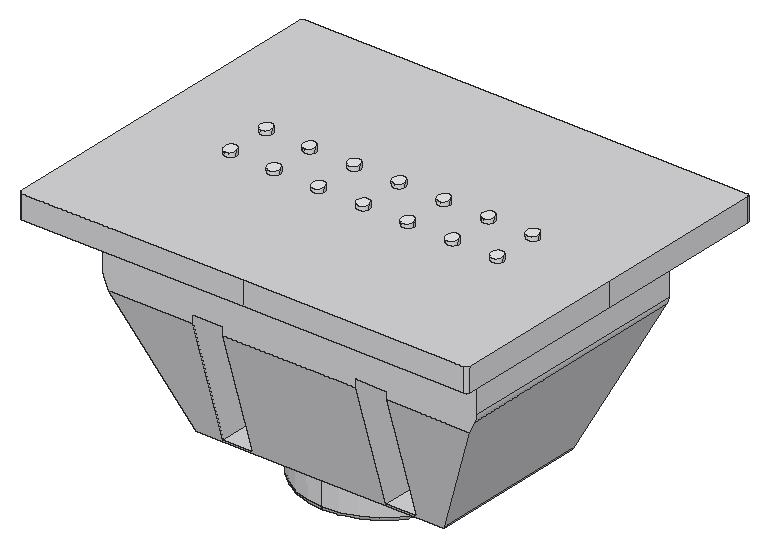
Revit family "Shower-Bodyspray-KOHLER-BEITOU-K-22958T", category Plumbing Fixtures, host Face, Revit 2017
Family settings
  Host = Face
  Round Connector Dimension = Use Diameter
  Part Type = Normal
  OmniClass Number = 23.31.17.00
  Cut with Voids When Loaded = No
  Shared = No
  Room Calculation Point = No
Parameters (values of type "CP-Polished Chrome")
  Width = 5 139/256"  # constant formula
  WaterSense Certified = 1 = 0  # no
  Waste Water Outlet = "Waste Water Outlet"  # constant formula
  Waste Connection = 1 = 0  # no
  Vent Connection = 1 = 0  # no
  URL = "http://www.kohler.com.cn/"
  Type = 1
  Tempered Water Inlet = "Tempered Water Inlet"  # constant formula
  Product Page URL = "https://www.kohler.com.cn/product/K-22958T-CP/K-22958T-CP/"
  Product Name = "BEITOU"  # constant formula
  Product Documentation Link = "https://files.kohler.com.cn/pdfs/1520398977906_22957T_22958T-SMS.pdf"
  Pressure = 0.00 psi
  Panel Thickness = 0"
  Model = "K-22958T-CP"  # constant formula
  Material = "Premium Metal Construction"  # constant formula
  Master Format 2014 Name = "Residential Showers"  # constant formula
  Master Format 2014 = "22 42 23"  # constant formula
  Manufacturer Address = "Kohler Beijing Office (100016) 36-2-03-B, No. 88, Liuxiang Road, Beijing"  # constant formula
  Manufacturer = "KOHLER Co."  # constant formula
  Length = 4.35827"  # constant formula
  Hot Water Inlet = "Hot Water Inlet"  # constant formula
  Height = 3.09055"  # constant formula
  HW Connection = 1 = 1  # yes
  Flow Rate = 0 GPM
  Finish = Kohler-Metal-CP-Polished_Chrome
  Environmental Product Declaration = ""
  Drain Included = 1 = 0  # no
  Description = "Manda Body Sprinkler (3 in 1)"  # constant formula
  Default Elevation = 0"
  Declare Label = ""
  Date Modified = "09/25/2020"  # constant formula
  Date Created = "09/25/2020"  # constant formula
  Copyright = "Copyright KOHLER Co."  # constant formula
  Contact Us = "http://www.kohler.com.cn/contact/contact-us/"
  Cold Water Inlet = "Cold Water Inlet"  # constant formula
  CW Connection = 1 = 0  # no
  Assembly Code = "D2010700"
  ADA Compliant = 1 = 0  # no
Reference planes (in)
  plane 1 "Center (Front/Back)": y = 0
  plane 2: z = 0
  plane 3 "Center (Left/Right)": x = 0
  plane 4: y = 2.18012
  plane 5: x = -2.77067
  plane 6: y = -2.17815
  plane 7: x = 2.7723
  plane 8: z = -2.79771
  plane 9: z = 0.29284
  plane 10: z = -2.4402
  plane 11: z = -0.09843
  plane 12: z = 0.34952
  plane 13: x = -2.31357
  plane 14: x = 2.31357
  plane 15: y = 1.49861
  plane 16: y = -1.49861
Forms (in)
  Extrusion 1, void
    sketch origin (0, 0, 0) x (1, 0, 0) y (0, 1, 0)
      loop
        line (-2.62598, 1.98031) -> (-2.62598, -1.97921) -> (2.62598, -1.97921) -> (2.62598, 1.98031) -> (-2.62598, 1.98031)
    from -2.79771 to 0.05438
Dimensions and locks (in)
  "Width": plane 5 to plane 7
  "Length": plane 6 to plane 4
  "Height": plane 9 to plane 8
  plane 13 to plane 14 = 4.62715"
  level to plane 8 = 2.79771"
  plane 15 to plane 16 = 2.99721"
  aligned and locked: plane 2 to host face
  aligned and locked: level to host face
Automatic sketch dimensions
  host sketch curve to host sketch curve = 96"  (x2)
  plane 5 to Extrusion 1 sketch curve = 0.14469"
  plane 7 to Extrusion 1 sketch curve = 0.14632"
  plane 6 to Extrusion 1 sketch curve = 0.19894"
  plane 4 to Extrusion 1 sketch curve = 0.1998"
Nested families (in)
  nested 1: "K-22958T" at (0, 0, -2.79771), type "K-22958T"
Connectors (in)
  piping at (0, 0, -2.79771), diameter 0.5, driven by "HW Connection", driven by "Tempered Water Inlet", driven by "Flow Rate"
    settings: on nested 1, index 1, connector inside diameter 24", connector length 0", flow factor 0, pipe flow 0 GPM, pressure drop 0.00 psi, fitting loss kfactor 0, connector angle 0.00°, fixture units 0, engagement length 0", angle of deflection 0.00°, flow configuration 0, flow direction 1, fitting loss method 0, system type 19, joint type 0, gender type 0, connector reference index -1, connector utility 1, adjustable connector no, is connector primary yes, connector description "Tempered Water Inlet"
Definition of nested family "K-22958T"
  Parameters (values of type "K-22958T")
    Plastic = none
    Material = none
  Reference planes (in)
    plane 1 "Center (Front/Back)": y = 0
    plane 2: z = 0
    plane 3 "Center (Left/Right)": x = 0
    plane 4: y = 2.18012
    plane 5: y = -2.18012
    plane 6: x = 2.77067
    plane 7: x = -2.77067
    plane 8: x = -2.31357
    plane 9: x = 2.31357
    plane 10: z = 3.08806
    plane 11: z = 2.79771
    plane 12: z = 0
    plane 13: z = 2.69928
    plane 14: z = 0.35751
  Forms (in)
    Revolve 1, solid, material <- "Material", detail levels medium+fine
      sketch origin (0, 0, 0) x (0, 1, 0) y (0, 0, 1)
        loop
          line (0, 0) -> (0, 0.38211) -> (-0.96537, 0.38211) -> (-0.95937, 0.03868)
          arc (-0.95937, 0.03868) -> (-0.9476, 0.01129) -> (-0.92001, 0) r 0.03937
          line (-0.92001, 0) -> (0, 0)
        axis (0, 0.38211) -> (0, 0)
      angle from 0 to 360
    Extrusion 2, solid, material <- "Material", detail levels medium+fine
      sketch origin (0, 0, 0) x (1, 0, 0) y (0, 0, 1)
        loop
          line (0, 0.35751) -> (1.51053, 0.35751)
          arc (1.51053, 0.35751) -> (1.53178, 0.36373) -> (1.54631, 0.38045) r 0.03937
          line (1.54631, 0.38045) -> (2.29492, 2.01061)
          arc (2.29492, 2.01061) -> (2.30851, 2.05067) -> (2.3136, 2.09266) r 0.20517
          line (2.3136, 2.09266) -> (2.32419, 2.69928) -> (0, 2.69928) -> (-2.32419, 2.69928) -> (-2.31361, 2.09271)
          arc (-2.31361, 2.09271) -> (-2.30851, 2.05067) -> (-2.29489, 2.01056) r 0.20543
          line (-2.29489, 2.01056) -> (-1.54631, 0.38045)
          arc (-1.54631, 0.38045) -> (-1.53178, 0.36373) -> (-1.51053, 0.35751) r 0.03937
          line (-1.51053, 0.35751) -> (0, 0.35751)
      from -1.50012 to 1.45986
    Extrusion 3, void
      sketch origin (0, 0, 0) x (0, 1, 0) y (0, 0, 1)
        loop
          line (1.5001, 2.69737) -> (1.49272, 2.08385)
          arc (1.49272, 2.08385) -> (1.49045, 2.0542) -> (1.48439, 2.02509) r 0.23107
          line (1.48439, 2.02509) -> (0.96487, 0.35751) -> (1.65936, 0.35751) -> (1.65936, 2.69737) -> (1.5001, 2.69737)
      from -6.1681 to 4.21059
    Extrusion 4, void
      sketch origin (0, -0.02461, 0) x (0, -1, 0) y (0, 0, -1)
        loop
          line (1.5001, -2.69737) -> (1.65936, -2.69737) -> (1.65936, -0.23978) -> (0.92819, -0.23978) -> (1.48439, -2.02509)
          arc (1.48439, -2.02509) -> (1.49045, -2.0542) -> (1.49272, -2.08385) r 0.23107
          line (1.49272, -2.08385) -> (1.5001, -2.69737)
      from -3.50933 to 4.21059
    Extrusion 5, solid, material <- "Material", detail levels medium+fine
      sketch origin (0, 0, 0) x (1, 0, 0) y (0, 1, 0)
        loop
          line (0, 1.98031) -> (-2.49546, 1.98031)
          arc (-2.49546, 1.98031) -> (-2.58775, 1.94208) -> (-2.62598, 1.84979) r 0.13053
          line (-2.62598, 1.84979) -> (-2.62598, -1.85135)
          arc (-2.62598, -1.85135) -> (-2.58821, -1.94254) -> (-2.49702, -1.98031) r 0.12897
          line (-2.49702, -1.98031) -> (0, -1.98031) -> (2.49702, -1.98031)
          arc (2.49702, -1.98031) -> (2.58821, -1.94254) -> (2.62598, -1.85135) r 0.12897
          line (2.62598, -1.85135) -> (2.62598, 1.84979)
          arc (2.62598, 1.84979) -> (2.58775, 1.94208) -> (2.49546, 1.98031) r 0.13053
          line (2.49546, 1.98031) -> (0, 1.98031)
      from 2.69928 to 2.79771
    Extrusion 6, solid, material <- "Material", detail levels medium+fine
      sketch origin (0, 0, 0) x (1, 0, 0) y (0, 1, 0)
        loop
          line (0, 2.18012) -> (-2.73143, 2.18012)
          arc (-2.73143, 2.18012) -> (-2.75918, 2.16863) -> (-2.77067, 2.14088) r 0.03924
          line (-2.77067, 2.14088) -> (-2.77067, 0) -> (-2.77067, -2.14088)
          arc (-2.77067, -2.14088) -> (-2.75918, -2.16863) -> (-2.73143, -2.18012) r 0.03924
          line (-2.73143, -2.18012) -> (0, -2.18012) -> (2.73143, -2.18012)
          arc (2.73143, -2.18012) -> (2.75918, -2.16863) -> (2.77067, -2.14088) r 0.03924
          line (2.77067, -2.14088) -> (2.77067, 0) -> (2.77067, 2.14088)
          arc (2.77067, 2.14088) -> (2.75918, 2.16863) -> (2.73143, 2.18012) r 0.03924
          line (2.73143, 2.18012) -> (0, 2.18012)
      from 2.79771 to 3.08646
    Extrusion 7, solid, material <- "Plastic", detail levels medium+fine
      sketch origin (0, 0, 0) x (1, 0, 0) y (0, 1, 0)
        loop
          circle (-1.65362, 0.2418) r 0.07299
        loop
          circle (-1.10325, 0.22164) r 0.07299
        loop
          circle (-0.5541, 0.22415) r 0.07299
        loop
          circle (0, 0.22415) r 0.07299
        loop
          circle (0, -0.32972) r 0.07299
        loop
          circle (-0.55114, -0.32972) r 0.07299
        loop
          circle (-1.1037, -0.32614) r 0.07299
        loop
          circle (-1.65538, -0.30755) r 0.07299
        loop
          circle (1.65362, 0.22415) r 0.07299
        loop
          circle (1.10325, 0.22415) r 0.07299
        loop
          circle (0.5541, 0.22415) r 0.07299
        loop
          circle (0.55114, -0.32972) r 0.07299
        loop
          circle (1.1037, -0.32972) r 0.07299
        loop
          circle (1.6523, -0.32664) r 0.07299
      from 2.85208 to 3.21253
    Extrusion 8, void
      sketch origin (0, 0, 0) x (0, 1, 0) y (0, 0, 1)
        loop
          line (0.33791, 3.14975) -> (0.33791, 3.23659) -> (0.14106, 3.23659) -> (0.14106, 3.12208) -> (0.33791, 3.14975)
      from -3.41491 to 3.04992
    Extrusion 9, void
      sketch origin (0, 0, 0) x (0, 1, 0) y (0, 0, 1)
        loop
          line (-0.20392, 3.15194) -> (-0.19497, 3.2543) -> (-0.41043, 3.2543) -> (-0.41043, 3.11923) -> (-0.20392, 3.15194)
      from -3.74688 to 3.04992
    Extrusion 10, void
      sketch origin (0, 0, 0) x (0, 1, 0) y (0, 0, 1)
        loop
          line (1.48038, 2.0122) -> (0.65267, 2.0122) -> (0.17943, 0.3797) -> (0.97179, 0.3797) -> (1.48038, 2.0122)
      from 0.87533 to 1.20058
    Extrusion 11, void
      sketch origin (0, 0, 0) x (0, 1, 0) y (0, 0, -1)
        loop
          line (1.48038, -2.0122) -> (0.97179, -0.3797) -> (0.17943, -0.3797) -> (0.65267, -2.0122) -> (1.48038, -2.0122)
      from 0.87533 to 1.20058
    Extrusion 12, void
      sketch origin (0, 0, 0) x (0, 1, 0) y (0, 0, 1)
        loop
          line (-2.07826, 1.96143) -> (-1.57704, 0.3797) -> (-0.36349, 0.3797) -> (-0.82589, 1.96143) -> (-2.07826, 1.96143)
      from 0.82177 to 1.20058
    Extrusion 13, void
      sketch origin (0, 0, 0) x (0, 1, 0) y (0, 0, -1)
        loop
          line (-2.07826, -1.96143) -> (-0.82589, -1.96143) -> (-0.36349, -0.3797) -> (-1.57704, -0.3797) -> (-2.07826, -1.96143)
      from 0.82177 to 1.20058
    Extrusion 14, solid, material <- "Material", detail levels medium+fine
      sketch origin (0, 0, 0) x (1, 0, 0) y (0, 1, 0)
        loop
          circle (0, 0) r 0.11967
      from 0 to 0.23126
    Extrusion 15, solid, material <- "Material", detail levels coarse
      sketch origin (0, 0, 0) x (1, 0, 0) y (0, 1, 0)
        loop
          line (0, 2.18012) -> (-2.73143, 2.18012)
          arc (-2.73143, 2.18012) -> (-2.75918, 2.16863) -> (-2.77067, 2.14088) r 0.03924
          line (-2.77067, 2.14088) -> (-2.77067, 0) -> (-2.77067, -2.14088)
          arc (-2.77067, -2.14088) -> (-2.75918, -2.16863) -> (-2.73143, -2.18012) r 0.03924
          line (-2.73143, -2.18012) -> (0, -2.18012) -> (2.73143, -2.18012)
          arc (2.73143, -2.18012) -> (2.75918, -2.16863) -> (2.77067, -2.14088) r 0.03924
          line (2.77067, -2.14088) -> (2.77067, 0) -> (2.77067, 2.14088)
          arc (2.77067, 2.14088) -> (2.75918, 2.16863) -> (2.73143, 2.18012) r 0.03924
          line (2.73143, 2.18012) -> (0, 2.18012)
      from 2.79771 to 3.08646
    Extrusion 16, solid, material <- "Material", detail levels coarse
      sketch origin (0, 0, 0) x (1, 0, 0) y (0, 0, 1)
        loop
          line (-1.3716, 0) -> (1.3716, 0) -> (2.29492, 2.01061)
          arc (2.29492, 2.01061) -> (2.30851, 2.05067) -> (2.3136, 2.09266) r 0.20517
          line (2.3136, 2.09266) -> (2.32591, 2.79771) -> (-2.32591, 2.79771) -> (-2.31361, 2.09271)
          arc (-2.31361, 2.09271) -> (-2.30851, 2.05067) -> (-2.29489, 2.01056) r 0.20543
          line (-2.29489, 2.01056) -> (-1.3716, 0)
      from -1.50012 to 1.45986
  Cuts and joins
    Extrusion 3, Extrusion 4, Extrusion 10, Extrusion 11, Extrusion 12, Extrusion 13 cuts Extrusion 2
    Extrusion 8, Extrusion 9 cuts Extrusion 7
    joined: Revolve 1, Extrusion 5, Extrusion 6
    joined: Extrusion 15, Extrusion 16
  Lines and regions (in)
    Masking region 1
      outline origin (0, 0, 0) x (1, 0, 0) y (0, 1, 0)
        loop
          line (0, 2.18012) -> (-2.732, 2.18012)
          arc (-2.732, 2.18012) -> (-2.75934, 2.16879) -> (-2.77067, 2.14145) r 0.03867
          line (-2.77067, 2.14145) -> (-2.77067, 0) -> (-2.77067, -2.141)
          arc (-2.77067, -2.141) -> (-2.75921, -2.16866) -> (-2.73155, -2.18012) r 0.03912
          line (-2.73155, -2.18012) -> (0, -2.18012) -> (2.73155, -2.18012)
          arc (2.73155, -2.18012) -> (2.75921, -2.16866) -> (2.77067, -2.141) r 0.03912
          line (2.77067, -2.141) -> (2.77067, 0) -> (2.77067, 2.14145)
          arc (2.77067, 2.14145) -> (2.75934, 2.16879) -> (2.732, 2.18012) r 0.03867
          line (2.732, 2.18012) -> (0, 2.18012)
    Masking region 2
      outline origin (0, 0, 0) x (1, 0, 0) y (0, 0, 1)
        loop
          line (0, 0) -> (0.91925, 0)
          arc (0.91925, 0) -> (0.94784, 0.01184) -> (0.95968, 0.04044) r 0.04044
          line (0.95968, 0.04044) -> (0.96522, 0.35751) -> (1.51512, 0.35751)
          arc (1.51512, 0.35751) -> (1.53411, 0.36364) -> (1.54594, 0.37971) r 0.03248
          line (1.54594, 0.37971) -> (2.27233, 1.96152) -> (2.29466, 2.01014)
          arc (2.29466, 2.01014) -> (2.30741, 2.04641) -> (2.31327, 2.08442) r 0.20813
          line (2.31327, 2.08442) -> (2.324, 2.69941) -> (2.62586, 2.69941) -> (2.62586, 2.79762) -> (2.77065, 2.79762) -> (2.77065, 3.08807) -> (1.72836, 3.08807) -> (1.72836, 3.13733)
          arc (1.72836, 3.13733) -> (1.66895, 3.14783) -> (1.60876, 3.14382) r 0.25058
          arc (1.60876, 3.14382) -> (1.59273, 3.1417) -> (1.57944, 3.1325) r 0.03445
          line (1.57944, 3.1325) -> (1.57944, 3.08806) -> (1.17663, 3.08806) -> (1.17656, 3.13258)
          spline (1.17656, 3.13258) -> (1.17428, 3.13556) -> (1.16711, 3.13834) -> (1.15555, 3.14073) -> (1.1404, 3.14257) -> (1.12271, 3.14373) -> (1.1037, 3.14412) -> (1.08469, 3.14373) -> (1.067, 3.14257) -> (1.05185, 3.14073) -> (1.04029, 3.13834) -> (1.03312, 3.13556) -> (1.03084, 3.13258)
          line (1.03084, 3.13258) -> (1.03084, 3.08806) -> (0.62696, 3.08806) -> (0.62696, 3.13512)
          spline (0.62696, 3.13512) -> (0.62608, 3.13699) -> (0.62274, 3.13881) -> (0.61706, 3.14051) -> (0.60922, 3.14203) -> (0.5995, 3.14333) -> (0.58824, 3.14436) -> (0.5758, 3.14508) -> (0.56263, 3.14547) -> (0.54916, 3.14552) -> (0.53586, 3.14522) -> (0.52319, 3.14458) -> (0.51157, 3.14364)
          arc (0.51157, 3.14364) -> (0.49443, 3.14022) -> (0.47828, 3.13355) r 0.08999
          line (0.47828, 3.13355) -> (0.47828, 3.08806) -> (0.07276, 3.08806) -> (0.07276, 3.13325)
          spline (0.07276, 3.13325) -> (0.07268, 3.13462) -> (0.07127, 3.13599) -> (0.06854, 3.13731) -> (0.06454, 3.13857) -> (0.05936, 3.13975) -> (0.05308, 3.14081) -> (0.04582, 3.14175) -> (0.03771, 3.14254) -> (0.02891, 3.14317) -> (0.01957, 3.14363) -> (0.00988, 3.14391) -> (0, 3.144)
          spline (0, 3.144) -> (-0.01008, 3.14391) -> (-0.01997, 3.14362) -> (-0.02948, 3.14314) -> (-0.03842, 3.14248) -> (-0.04662, 3.14166) -> (-0.05392, 3.14069) -> (-0.06019, 3.13958) -> (-0.0653, 3.13837) -> (-0.06915, 3.13707) -> (-0.07167, 3.13571) -> (-0.07282, 3.13431) -> (-0.07257, 3.1329)
          line (-0.07257, 3.1329) -> (-0.07257, 3.08806) -> (-0.47828, 3.08806) -> (-0.47828, 3.13355)
          arc (-0.47828, 3.13355) -> (-0.49443, 3.14022) -> (-0.51157, 3.14364) r 0.08999
          spline (-0.51157, 3.14364) -> (-0.52304, 3.14457) -> (-0.53555, 3.14521) -> (-0.54867, 3.14551) -> (-0.56197, 3.14548) -> (-0.57502, 3.14511) -> (-0.58736, 3.14442) -> (-0.5986, 3.14343) -> (-0.60835, 3.14217) -> (-0.6163, 3.14069) -> (-0.62217, 3.13902) -> (-0.62577, 3.13724) -> (-0.62719, 3.1354)
          line (-0.62719, 3.1354) -> (-0.62719, 3.08806) -> (-1.03084, 3.08806) -> (-1.03084, 3.13335)
          spline (-1.03084, 3.13335) -> (-1.03312, 3.13633) -> (-1.04029, 3.13911) -> (-1.05185, 3.1415) -> (-1.067, 3.14334) -> (-1.08469, 3.1445) -> (-1.1037, 3.14489) -> (-1.12271, 3.1445) -> (-1.1404, 3.14334) -> (-1.15555, 3.1415) -> (-1.16711, 3.13911) -> (-1.17428, 3.13633) -> (-1.17663, 3.13258)
          line (-1.17663, 3.13258) -> (-1.17663, 3.08806) -> (-1.58251, 3.08806) -> (-1.58251, 3.13552)
          spline (-1.58251, 3.13552) -> (-1.5848, 3.1385) -> (-1.59197, 3.14128) -> (-1.60353, 3.14368) -> (-1.61868, 3.14552) -> (-1.63637, 3.14667) -> (-1.65538, 3.14707) -> (-1.67438, 3.14667) -> (-1.69208, 3.14552) -> (-1.70723, 3.14368) -> (-1.71879, 3.14128) -> (-1.72595, 3.1385) -> (-1.72836, 3.13558)
          line (-1.72836, 3.13558) -> (-1.72836, 3.08807) -> (-2.77065, 3.08807) -> (-2.77065, 2.79762) -> (-2.62586, 2.79762) -> (-2.62586, 2.69941) -> (-2.324, 2.69941) -> (-2.31327, 2.08442)
          arc (-2.31327, 2.08442) -> (-2.30741, 2.04641) -> (-2.29466, 2.01014) r 0.20813
          line (-2.29466, 2.01014) -> (-2.27233, 1.96152) -> (-1.54594, 0.37971)
          arc (-1.54594, 0.37971) -> (-1.53411, 0.36364) -> (-1.51512, 0.35751) r 0.03248
          line (-1.51512, 0.35751) -> (-0.96522, 0.35751) -> (-0.95968, 0.04044)
          arc (-0.95968, 0.04044) -> (-0.94784, 0.01184) -> (-0.91925, 0) r 0.04044
          line (-0.91925, 0) -> (0, 0)
    Masking region 3
      outline origin (0, 0, 0) x (0, 1, 0) y (0, 0, 1)
        loop
          line (0, 0) -> (0.92524, 0)
          arc (0.92524, 0) -> (0.95539, 0.01771) -> (0.95461, 0.05267) r 0.03452
          line (0.95461, 0.05267) -> (0.98524, 0.3441) -> (1.49861, 1.99191) -> (1.49861, 2.69719) -> (1.98011, 2.69719) -> (1.98011, 2.79771) -> (2.18012, 2.79771) -> (2.18012, 3.08806) -> (0.40287, 3.08806) -> (0.31479, 3.08806) -> (0.31479, 3.1465) -> (0.1464, 3.12283) -> (0.1464, 3.08806) -> (0, 3.08806) -> (-0.23467, 3.08806) -> (-0.23467, 3.14707) -> (-0.40287, 3.12043) -> (-0.40287, 3.08806) -> (-2.18012, 3.08806) -> (-2.18012, 2.79771) -> (-1.98011, 2.79771) -> (-1.98011, 2.69719) -> (-1.49553, 2.69719) -> (-1.49553, 1.98204) -> (-0.98524, 0.3441) -> (-0.95461, 0.05267)
          arc (-0.95461, 0.05267) -> (-0.95539, 0.01771) -> (-0.92524, 0) r 0.03452
          line (-0.92524, 0) -> (0, 0)
    symbolic lines, detail levels medium+fine
      curve 1: line (0, 0.95939, 0.0396) -> (0, -0.95939, 0.0396)
      curve 2: line (0, -0.98948, 0.35751) -> (0, 0.98942, 0.35751)
      curve 3: line (0, -0.99638, 0.3797) -> (0, 0.99633, 0.3797)
      curve 4: line (0, 1.49861, 2.08385) -> (0, -1.49553, 2.08385)
      curve 5: line (0, 1.49861, 2.01523) -> (0, -1.49553, 2.01523)
      curve 6: line (0, -1.98031, 2.69928) -> (0, 1.98031, 2.69928)
      curve 7: line (0, -2.18012, 2.79771) -> (0, 2.15647, 2.79771)
      curve 8: line (0, 0.31479, 3.08806) -> (0, 0.1464, 3.08806)
      curve 9: line (0, -0.23467, 3.08806) -> (0, -0.40287, 3.08806)
      curve 10: line (0, 2.15647, 3.08646) -> (0, 2.15647, 2.79771)
      curve 11: line (0, 1.89598, 2.79771) -> (0, 1.89598, 2.69928)
      curve 12: line (0, -2.158, 3.08646) -> (0, -2.158, 2.79771)
      curve 13: line (0, -1.89598, 2.79771) -> (0, -1.89598, 2.69928)
      curve 14: line (0, 1.19682, 2.69928) -> (0, 1.19682, 2.08385)
      curve 15: line (0, 1.19682, 2.08385) -> (0, 0.70817, 0.3797)
      curve 16: line (0, -1.19682, 2.69928) -> (0, -1.19682, 2.08385)
      curve 17: line (0, -1.19682, 2.08385) -> (0, -0.70817, 0.3797)
      curve 18: line (-0.95968, 0, 0.04044) -> (0.95968, 0, 0.04044)
      curve 19: line (-0.96476, 0, 0.34029) -> (-0.23709, 0, 0.34029)
      curve 20: line (0.96476, 0, 0.34029) -> (0.23709, 0, 0.34029)
      curve 21: arc (-0.23709, 0, 0.34029) -> (0, 0, 0.35751) -> (0.23709, 0, 0.34029) r 1.64088
      curve 22: line (-1.51512, 0, 0.35751) -> (0, 0, 0.35751)
      curve 23: line (0, 0, 0.35751) -> (1.51512, 0, 0.35751)
      curve 24: line (-1.20058, 0, 2.02509) -> (-1.20058, 0, 0.35751)
      curve 25: line (-0.82177, 0, 0.35751) -> (-0.82177, 0, 2.02509)
      curve 26: line (-0.82177, 0, 2.02509) -> (-1.20058, 0, 2.02509)
      curve 27: line (1.20058, 0, 2.02509) -> (1.20058, 0, 0.35751)
      curve 28: line (0.82177, 0, 0.35751) -> (0.82177, 0, 2.02509)
      curve 29: line (0.82177, 0, 2.02509) -> (1.20058, 0, 2.02509)
      curve 30: line (-2.26302, 0, 1.94117) -> (-1.2181, 0, 1.94117)
      curve 31: line (2.3009, 0, 2.02509) -> (-2.3009, 0, 2.02509)
      curve 32: line (-1.2181, 0, 1.94117) -> (1.23564, 0, 1.94117)
      curve 33: line (1.23564, 0, 1.94117) -> (2.26302, 0, 1.94117)
      curve 34: line (-2.62598, 0, 2.69928) -> (2.62598, 0, 2.69928)
      curve 35: line (-2.77067, 0, 2.79771) -> (2.77067, 0, 2.79771)
      curve 36: spline (-1.58251, 0, 3.13552) -> (-1.5848, 0, 3.13254) -> (-1.59197, 0, 3.12976) -> (-1.60353, 0, 3.12737) -> (-1.61868, 0, 3.12553) -> (-1.63637, 0, 3.12437) -> (-1.65538, 0, 3.12398) -> (-1.67438, 0, 3.12437) -> (-1.69208, 0, 3.12553) -> (-1.70723, 0, 3.12737) -> (-1.71879, 0, 3.12976) -> (-1.72595, 0, 3.13254) -> (-1.72824, 0, 3.13552)
      curve 37: spline (-1.03084, 0, 3.13258) -> (-1.03312, 0, 3.1296) -> (-1.04029, 0, 3.12682) -> (-1.05185, 0, 3.12443) -> (-1.067, 0, 3.12259) -> (-1.08469, 0, 3.12143) -> (-1.1037, 0, 3.12104) -> (-1.12271, 0, 3.12143) -> (-1.1404, 0, 3.12259) -> (-1.15555, 0, 3.12443) -> (-1.16711, 0, 3.12682) -> (-1.17428, 0, 3.1296) -> (-1.17656, 0, 3.13258)
      curve 38: spline (0.07286, 0, 3.13201) -> (0.07058, 0, 3.12903) -> (0.06341, 0, 3.12625) -> (0.05185, 0, 3.12386) -> (0.0367, 0, 3.12202) -> (0.01901, 0, 3.12086) -> (0, 0, 3.12047) -> (-0.01901, 0, 3.12086) -> (-0.0367, 0, 3.12202) -> (-0.05185, 0, 3.12386) -> (-0.06341, 0, 3.12625) -> (-0.07058, 0, 3.12903) -> (-0.07286, 0, 3.13201)
      curve 39: spline (1.17656, 0, 3.13201) -> (1.17428, 0, 3.12903) -> (1.16711, 0, 3.12625) -> (1.15555, 0, 3.12386) -> (1.1404, 0, 3.12202) -> (1.12271, 0, 3.12086) -> (1.1037, 0, 3.12047) -> (1.08469, 0, 3.12086) -> (1.067, 0, 3.12202) -> (1.05185, 0, 3.12386) -> (1.04029, 0, 3.12625) -> (1.03312, 0, 3.12903) -> (1.03084, 0, 3.13201)
      curve 40: line (-1.72836, 0, 3.08807) -> (-1.58256, 0, 3.08807)
      curve 41: line (-1.17663, 0, 3.08806) -> (-1.03084, 0, 3.08806)
      curve 42: line (-0.62719, 0, 3.08806) -> (-0.47828, 0, 3.08806)
      curve 43: line (-0.07257, 0, 3.08806) -> (0.07276, 0, 3.08806)
      curve 44: line (0.47828, 0, 3.08806) -> (0.62719, 0, 3.08806)
      curve 45: line (1.03084, 0, 3.08806) -> (1.17663, 0, 3.08806)
      curve 46: line (1.57944, 0, 3.08806) -> (1.72667, 0, 3.08806)
      curve 47: arc (1.72836, 0, 3.13733) -> (1.65429, 0, 3.12277) -> (1.57944, 0, 3.1325) r 0.23446
      curve 48: arc (0.47828, 0, 3.13201) -> (0.55278, 0, 3.12616) -> (0.62696, 0, 3.1352) r 0.37479
      curve 49: arc (-0.62698, 0, 3.13376) -> (-0.55261, 0, 3.12532) -> (-0.47823, 0, 3.13376) r 0.33191
      curve 50: line (-2.73143, 0, 3.08646) -> (-2.73143, 0, 2.79771)
      curve 51: line (-2.55766, 0, 2.79771) -> (-2.55766, 0, 2.69928)
      curve 52: line (2.73143, 0, 3.08646) -> (2.73143, 0, 2.79771)
      curve 53: line (2.55766, 0, 2.79771) -> (2.55766, 0, 2.69928)
      curve 54: line (-1.2833, 0, 0.35751) -> (-2.02177, 0, 1.94117)
      curve 55: line (-2.02177, 0, 1.94117) -> (-2.02177, 0, 2.69928)
      curve 56: line (1.2833, 0, 0.35751) -> (2.02177, 0, 1.94117)
      curve 57: line (2.02177, 0, 1.94117) -> (2.02177, 0, 2.69928)
      curve 58: arc (-1.58064, 0.2418, 0) -> (-1.65362, 0.31479, 0) -> (-1.72661, 0.2418, 0) r 0.07299
      curve 59: arc (-1.72661, 0.2418, 0) -> (-1.65362, 0.16882, 0) -> (-1.58064, 0.2418, 0) r 0.07299
      curve 60: arc (-1.58239, -0.30755, 0) -> (-1.65538, -0.23457, 0) -> (-1.72836, -0.30755, 0) r 0.07299
      curve 61: arc (-1.72836, -0.30755, 0) -> (-1.65538, -0.38054, 0) -> (-1.58239, -0.30755, 0) r 0.07299
      curve 62: arc (-1.03026, 0.22164, 0) -> (-1.10325, 0.29463, 0) -> (-1.17624, 0.22164, 0) r 0.07299
      curve 63: arc (-1.17624, 0.22164, 0) -> (-1.10325, 0.14865, 0) -> (-1.03026, 0.22164, 0) r 0.07299
      curve 64: arc (-1.03071, -0.32614, 0) -> (-1.1037, -0.25316, 0) -> (-1.17668, -0.32614, 0) r 0.07299
      curve 65: arc (-1.17668, -0.32614, 0) -> (-1.1037, -0.39913, 0) -> (-1.03071, -0.32614, 0) r 0.07299
      curve 66: arc (-0.48111, 0.22415, 0) -> (-0.5541, 0.29714, 0) -> (-0.62708, 0.22415, 0) r 0.07299
      curve 67: arc (-0.62708, 0.22415, 0) -> (-0.5541, 0.15116, 0) -> (-0.48111, 0.22415, 0) r 0.07299
      curve 68: arc (-0.47815, -0.32972, 0) -> (-0.55114, -0.25673, 0) -> (-0.62412, -0.32972, 0) r 0.07299
      curve 69: arc (-0.62412, -0.32972, 0) -> (-0.55114, -0.40271, 0) -> (-0.47815, -0.32972, 0) r 0.07299
      curve 70: arc (0.07299, 0.22415, 0) -> (0, 0.29714, 0) -> (-0.07299, 0.22415, 0) r 0.07299
      curve 71: arc (-0.07299, 0.22415, 0) -> (0, 0.15116, 0) -> (0.07299, 0.22415, 0) r 0.07299
      curve 72: arc (0.07299, -0.32972, 0) -> (0, -0.25673, 0) -> (-0.07299, -0.32972, 0) r 0.07299
      curve 73: arc (-0.07299, -0.32972, 0) -> (0, -0.40271, 0) -> (0.07299, -0.32972, 0) r 0.07299
      curve 74: arc (0.62708, 0.22415, 0) -> (0.5541, 0.29714, 0) -> (0.48111, 0.22415, 0) r 0.07299
      curve 75: arc (0.48111, 0.22415, 0) -> (0.5541, 0.15116, 0) -> (0.62708, 0.22415, 0) r 0.07299
      curve 76: arc (0.62412, -0.32972, 0) -> (0.55114, -0.25673, 0) -> (0.47815, -0.32972, 0) r 0.07299
      curve 77: arc (0.47815, -0.32972, 0) -> (0.55114, -0.40271, 0) -> (0.62412, -0.32972, 0) r 0.07299
      curve 78: arc (1.17624, 0.22415, 0) -> (1.10325, 0.29714, 0) -> (1.03026, 0.22415, 0) r 0.07299
      curve 79: arc (1.03026, 0.22415, 0) -> (1.10325, 0.15116, 0) -> (1.17624, 0.22415, 0) r 0.07299
      curve 80: arc (1.17668, -0.32972, 0) -> (1.1037, -0.25673, 0) -> (1.03071, -0.32972, 0) r 0.07299
      curve 81: arc (1.03071, -0.32972, 0) -> (1.1037, -0.40271, 0) -> (1.17668, -0.32972, 0) r 0.07299
      curve 82: arc (1.72661, 0.22415, 0) -> (1.65362, 0.29714, 0) -> (1.58064, 0.22415, 0) r 0.07299
      curve 83: arc (1.58064, 0.22415, 0) -> (1.65362, 0.15116, 0) -> (1.72661, 0.22415, 0) r 0.07299
      curve 84: arc (1.72529, -0.32664, 0) -> (1.6523, -0.25366, 0) -> (1.57931, -0.32664, 0) r 0.07299
      curve 85: arc (1.57931, -0.32664, 0) -> (1.6523, -0.39963, 0) -> (1.72529, -0.32664, 0) r 0.07299
      curve 86: circle (-1.65232, 0.24391, 0) r 0.1117 normal (0, 0, 1)
      curve 87: circle (-1.65562, -0.30778, 0) r 0.11024 normal (0, 0, 1)
      curve 88: circle (-1.10419, 0.22121, 0) r 0.11024 normal (0, 0, 1)
      curve 89: circle (-1.10099, -0.33022, 0) r 0.11024 normal (0, 0, 1)
      curve 90: circle (-0.55276, 0.22442, 0) r 0.11024 normal (0, 0, 1)
      curve 91: circle (-0.54956, -0.33022, 0) r 0.11024 normal (0, 0, 1)
      curve 92: circle (0, 0.22649, 0) r 0.11024 normal (0, 0, 1)
      curve 93: circle (0, -0.33123, 0) r 0.11024 normal (0, 0, 1)
      curve 94: circle (1.10419, 0.22121, 0) r 0.11024 normal (0, 0, -1)
      curve 95: circle (1.10099, -0.33022, 0) r 0.11024 normal (0, 0, -1)
      curve 96: circle (0.55276, 0.22442, 0) r 0.11024 normal (0, 0, -1)
      curve 97: circle (0.54956, -0.33022, 0) r 0.11024 normal (0, 0, -1)
      curve 98: circle (1.65465, 0.22711, 0) r 0.11024 normal (0, 0, 1)
      curve 99: circle (1.65371, -0.32529, 0) r 0.11024 normal (0, 0, 1)
  Dimensions and locks (in)
    plane 7 to plane 3 "Center (Left/Right)" to plane 6 = 2.77067", 2.77067"
    plane 4 to plane 1 "Center (Front/Back)" = 2.18012"
    plane 5 to plane 1 "Center (Front/Back)" = 2.18012"
    plane 9 to plane 8 = 4.62715"
    plane 10 to level = 3.08806"
    plane 11 to level = 2.79771"
    aligned and locked: level to plane 2
